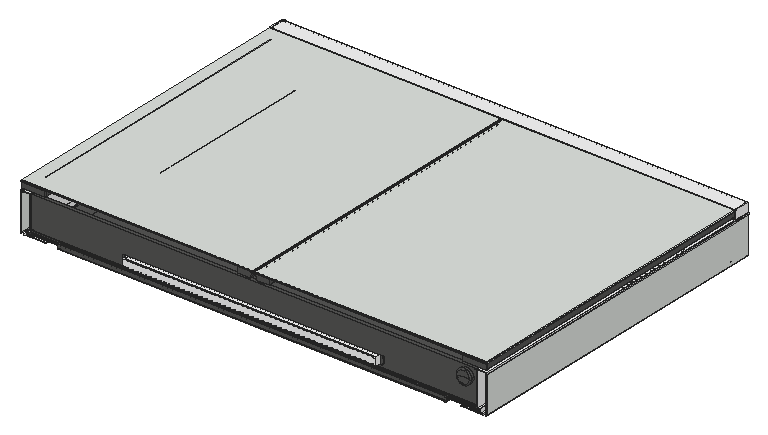
Revit family "Furniture-Lighted_Mirror_Cabinet-KOHLER-MAXSTOW-K-23959T_1", category Lighting Fixtures, host Face, Revit 2021
Family settings
  Host = Face
  Round Connector Dimension = Use Diameter
  Part Type = Normal
  OmniClass Number = 23.25.53.11.13.11
  OmniClass Title = Medicine Cabinet
  Cut with Voids When Loaded = No
  Light Source = Yes
  Shared = No
  Room Calculation Point = No
Parameters (values of type "NA-Black")
  Width = 47 31/128"  # constant formula
  Wattage Comments = "18W"  # constant formula
  Wattage = 8.75174 W
  WaterSense Certified = 1 = 0  # no
  built-in parameter 1150110 = 1 (stored number, unit not read)
  Voltage = 220 V  # constant formula
  URL = "http://www.kohler.com.cn/"
  Type = 1
  built-in parameter 1114217 = 1 (stored number, unit not read)
  built-in parameter 1150109 = 1 (stored number, unit not read)
  built-in parameter 1150134 = 12
  built-in parameter 1150113 = 1 (stored number, unit not read)
  Product Page URL = ""
  Product Name = "MAXSTOW\r\n"  # constant formula
  Product Documentation Link = ""
  Model = "K-23959T-NA"  # constant formula
  Material = "Aluminium"  # constant formula
  Master Format 2014 Name = "Storage Cabinets"  # constant formula
  Master Format 2014 = "41 53 13"  # constant formula
  Manufacturer Address = "Kohler Beijing Office (100016) 36-2-03-B, No. 88, Liuxiang Road, Beijing"  # constant formula
  Manufacturer = "Kohler Co."  # constant formula
  built-in parameter 1150105 = 413.8 (stored number, unit not read)
  Lumens = 1300 lm
  built-in parameter 1150115 = 1 (stored number, unit not read)
  Light Source Symbol Size = 9"  # constant formula
  built-in parameter 1150137 = (empty or 0)
  built-in parameter 1150139 = (empty or 0)
  Length = 4.85039"  # constant formula
  built-in parameter 1150112 = 1 (stored number, unit not read)
  built-in parameter 1150114 = 1 (stored number, unit not read)
  Lamp = "LED "  # constant formula
  built-in parameter 1150132 = 2
  built-in parameter 1150102 = (empty or 0)
  built-in parameter 1150107 = 4000 (stored number, unit not read)
  built-in parameter 1150138 = (empty or 0)
  built-in parameter 1150106 = 4.138 (stored number, unit not read)
  Height = 33 159/256"  # constant formula
  Hardware Included = 1 = 0  # no
  Finish = Kohler-Metal-NA-Black
  Environmental Product Declaration = ""
  Emit from Line Length = 24"
  Electrical Note = "One Dedicated Circuit Required"  # constant formula
  Electrical Connector = 1 = 1  # yes
  built-in parameter 1150104 = 13.8 (stored number, unit not read)
  Dimming Lamp Color Temperature Shift = Incandescent Lamp Curve
  Description = "Medicine Cabinet(1200X90X800)"  # constant formula
  Default Elevation = 60"
  Declare Label = ""
  Date Modified = "07/27/2022"  # constant formula
  Date Created = "07/27/2022"  # constant formula
  Copyright = "Copyright Kohler Co."  # constant formula
  Contact Us = "http://www.kohler.com.cn/contact/contact-us/"
  Color Filter = 16777215
  built-in parameter 1114218 = 1 (stored number, unit not read)
  built-in parameter 1150133 = 10 (stored number, unit not read)
  Assembly Code = "E2010"
  Apparent Load = 18 VA  # constant formula
  ADA Compliant = 1 = 0  # no
Reference planes (in)
  plane 1 "Center (Front/Back)": y = 0
  plane 2: z = 0
  plane 3 "Center (Left/Right)": x = 0
  plane 4: y = 16.81102
  plane 5: y = -16.81007
  plane 6: x = -23.62205
  plane 7: x = 23.62014
  plane 8: y = 16.02047
  plane 9: y = -16.56221
  plane 10: x = -22.34236
  plane 11: y = 15.23307
  plane 12: x = 22.34236
  plane 13: y = -16.02047
  plane 14: z = 4.42969
  plane 15: z = 4.06102
  plane 16: z = 1.37701
  plane 17: y = 10.97347
  plane 18: x = 23.44733
  plane 19: y = -4.4498
  plane 20: z = 3.75984
  plane 21: x = -12.79528
  plane 22: x = 12.79528
  plane 23: x = -0.05906
  plane 24: x = 0.05906
  plane 25: z = 4.85039
Dimensions and locks (in)
  "Height": plane 4 to plane 5
  "Width": plane 6 to plane 7
  plane 14 to level = 4 55/128"
  plane 21 to plane 3 "Center (Left/Right)" = 12.79528"
  plane 6 to plane 23 = 23.56299"
  "Length": plane 25 to level
  aligned and locked: plane 2 to host face
  aligned and locked: level to host face
Automatic sketch dimensions
  host sketch curve to host sketch curve = 96"  (x2)
Nested families (in)
  nested 1: "K-23959T" at (0, 0.2751, 0), type "K-23959T"
Connectors (in)
  electrical at (23.62205, -4.4498, 3.75687), driven by "Voltage", driven by "Apparent Load", driven by "Electrical Connector", driven by "Electrical Note"
    settings: on nested 1, index 1, voltage 220 V, apparent load 18 VA, apparent load phase1 0 VA, apparent load phase2 0 VA, apparent load phase3 0 VA, power factor 1, load classification "Lighting", number of poles 1, system type 30, power factor state 1, is connector primary yes, connector utility yes, sub classification motor no, connector description "One Dedicated Circuit Required"
Definition of nested family "K-23959T"
  Parameters (values of type "K-23959T")
    Wattage = 8.75174 W
    built-in parameter 1150110 = 1 (stored number, unit not read)
    built-in parameter 1114217 = 1 (stored number, unit not read)
    built-in parameter 1150109 = 1 (stored number, unit not read)
    built-in parameter 1150134 = 12
    built-in parameter 1150113 = 1 (stored number, unit not read)
    Material = none
    built-in parameter 1150105 = 413.8 (stored number, unit not read)
    Lumens = 1300 lm
    built-in parameter 1150115 = 1 (stored number, unit not read)
    Light Source Symbol Size = 9"
    built-in parameter 1150137 = (empty or 0)
    built-in parameter 1150139 = (empty or 0)
    built-in parameter 1150112 = 1 (stored number, unit not read)
    built-in parameter 1150114 = 1 (stored number, unit not read)
    built-in parameter 1150132 = 2
    built-in parameter 1150102 = (empty or 0)
    built-in parameter 1150107 = 4000 (stored number, unit not read)
    built-in parameter 1150138 = (empty or 0)
    built-in parameter 1150106 = 4.138 (stored number, unit not read)
    Emit from Line Length = 24"
    built-in parameter 1150104 = 13.8 (stored number, unit not read)
    Dimming Lamp Color Temperature Shift = 1
    Default Elevation = 0"
    Color Filter = 16777215
    built-in parameter 1114218 = 1 (stored number, unit not read)
    built-in parameter 1150133 = 10 (stored number, unit not read)
  Reference planes (in)
    plane 1 "Center (Front/Back)": y = -0.2751
    plane 2: z = 0
    plane 3 "Center (Left/Right)": x = 0
    plane 4: x = 23.62205
    plane 5: z = 4.84843
    plane 6: x = -23.62205
    plane 7: y = -17.08494
    plane 8: y = 16.53593
    plane 9: y = 15.74537
    plane 10: y = 14.95797
    plane 11: y = -16.29557
    plane 12: y = -16.83731
    plane 13: z = 1.37701
    plane 14: x = -22.34236
    plane 15: x = 22.34236
    plane 16: z = 4.42913
    plane 17: z = 4.06102
    plane 18: y = -4.7249
    plane 19 "CON2": x = 23.60234
  Forms (in)
    Sweep 1, solid
      path origin (0, 0, 0) x (1, 0, 0) y (0, 1, 0)
        loop
          line (0.09827, 14.92077) -> (0.09827, -16.49656) -> (23.52346, -16.49656) -> (23.52346, 14.92077) -> (0.09827, 14.92077)
      profile origin (23.52346, -0.78789, 0) x (-1, 0, 0) y (0, 0, 1)
        loop
          line (0, 4.84241) -> (-0.03937, 4.80304) -> (-0.03937, 4.76378) -> (0, 4.72441) -> (0.29765, 4.72441) -> (0.29765, 4.84241) -> (0, 4.84241)
    Sweep 2, solid
      path origin (0, 0, 0) x (-1, 0, 0) y (0, 1, 0)
        loop
          line (0.09827, 14.92077) -> (0.09827, -16.49656) -> (23.52346, -16.49656) -> (23.52346, 14.92077) -> (0.09827, 14.92077)
      profile origin (-23.52346, -0.78789, 0) x (-1, 0, 0) y (0, 0, 1)
        loop
          line (0, 4.84241) -> (-0.29765, 4.84241) -> (-0.29765, 4.72441) -> (0, 4.72441) -> (0.03937, 4.76378) -> (0.03937, 4.80304) -> (0, 4.84241)
    Extrusion 3, solid
      sketch origin (0.09827, 14.92077, 4.84241) x (0, -1, 0) y (1, 0, 0)
        loop
          line (0.29765, 0.29765) -> (31.11967, 0.29765) -> (31.11967, 23.12755) -> (0.29765, 23.12755) -> (0.29765, 0.29765)
      from -0.118 to 0
    Extrusion 4, solid
      sketch origin (-0.09827, 14.92077, 4.84241) x (0, -1, 0) y (1, 0, 0)
        loop
          line (0.29765, -0.29765) -> (0.29765, -23.12755) -> (31.11967, -23.12755) -> (31.11967, -0.29765) -> (0.29765, -0.29765)
      from -0.118 to 0
    Extrusion 5, solid, material <- "Material"
      sketch origin (0, 0, 0) x (1, 0, 0) y (0, 0, 1)
        loop
          line (21.16126, 4.70472) -> (21.16126, 4.15354)
          arc (21.16126, 4.15354) -> (21.16703, 4.13962) -> (21.18094, 4.13386) r 0.01969
          line (21.18094, 4.13386) -> (23.50378, 4.13386)
          arc (23.50378, 4.13386) -> (23.5177, 4.13962) -> (23.52346, 4.15354) r 0.01969
          line (23.52346, 4.15354) -> (23.52346, 4.70472)
          arc (23.52346, 4.70472) -> (23.5177, 4.71864) -> (23.50378, 4.72441) r 0.01969
          line (23.50378, 4.72441) -> (21.18094, 4.72441)
          arc (21.18094, 4.72441) -> (21.16703, 4.71864) -> (21.16126, 4.70472) r 0.01969
      from -14.86171 to 16.4375
    Extrusion 6, solid, material <- "Material"
      sketch origin (0, 0, 0) x (1, 0, 0) y (0, 0, 1)
        loop
          line (21.18094, 4.13386) -> (23.50378, 4.13386)
          arc (23.50378, 4.13386) -> (23.5177, 4.13962) -> (23.52346, 4.15354) r 0.01969
          line (23.52346, 4.15354) -> (23.52346, 4.70472)
          arc (23.52346, 4.70472) -> (23.5177, 4.71864) -> (23.50378, 4.72441) r 0.01969
          line (23.50378, 4.72441) -> (21.18094, 4.72441)
          arc (21.18094, 4.72441) -> (21.16703, 4.71864) -> (21.16126, 4.70472) r 0.01969
          line (21.16126, 4.70472) -> (21.16126, 4.15354)
          arc (21.16126, 4.15354) -> (21.16703, 4.13962) -> (21.18094, 4.13386) r 0.01969
      from 16.4375 to 16.49656
    Extrusion 7, solid, material <- "Material"
      sketch origin (0, 0, 0) x (-1, 0, 0) y (0, 0, -1)
        loop
          arc (21.18094, -4.13386) -> (21.16703, -4.13962) -> (21.16126, -4.15354) r 0.01969
          line (21.16126, -4.15354) -> (21.16126, -4.70472)
          arc (21.16126, -4.70472) -> (21.16703, -4.71864) -> (21.18094, -4.72441) r 0.01969
          line (21.18094, -4.72441) -> (23.50378, -4.72441)
          arc (23.50378, -4.72441) -> (23.5177, -4.71864) -> (23.52346, -4.70472) r 0.01969
          line (23.52346, -4.70472) -> (23.52346, -4.15354)
          arc (23.52346, -4.15354) -> (23.5177, -4.13962) -> (23.50378, -4.13386) r 0.01969
          line (23.50378, -4.13386) -> (21.18094, -4.13386)
      from 16.4375 to 16.49656
    Extrusion 8, solid, material <- "Material"
      sketch origin (0, 0, 0) x (-1, 0, 0) y (0, 0, -1)
        loop
          arc (21.16126, -4.70472) -> (21.16703, -4.71864) -> (21.18094, -4.72441) r 0.01969
          line (21.18094, -4.72441) -> (23.50378, -4.72441)
          arc (23.50378, -4.72441) -> (23.5177, -4.71864) -> (23.52346, -4.70472) r 0.01969
          line (23.52346, -4.70472) -> (23.52346, -4.15354)
          arc (23.52346, -4.15354) -> (23.5177, -4.13962) -> (23.50378, -4.13386) r 0.01969
          line (23.50378, -4.13386) -> (21.18094, -4.13386)
          arc (21.18094, -4.13386) -> (21.16703, -4.13962) -> (21.16126, -4.15354) r 0.01969
          line (21.16126, -4.15354) -> (21.16126, -4.70472)
      from -14.86171 to 16.4375
    Extrusion 9, solid, detail levels medium+fine
      sketch origin (0, 0, 0) x (1, 0, 0) y (0, 0, 1)
        loop
          line (-23.53163, 3.79921) -> (-23.56299, 3.79921) -> (-23.56299, 3.87795) -> (-22.65744, 3.87795) -> (-22.65744, 0.45185) -> (-22.99874, 0.45185)
          arc (-22.99874, 0.45185) -> (-23.01266, 0.44608) -> (-23.01843, 0.43217) r 0.01969
          line (-23.01843, 0.43217) -> (-23.01843, 0.04898) -> (-23.20496, 0.04898)
          arc (-23.20496, 0.04898) -> (-23.22945, 0.02449) -> (-23.20496, 0) r 0.02449
          line (-23.20496, 0) -> (-21.0306, 0)
          arc (-21.0306, 0) -> (-21.00108, 0.02953) -> (-21.0306, 0.05906) r 0.02953
          line (-21.0306, 0.05906) -> (-22.96941, 0.05906) -> (-22.96941, 0.19685) -> (-22.62902, 0.19685)
          arc (-22.62902, 0.19685) -> (-22.60876, 0.20435) -> (-22.59828, 0.22323) r 0.0311
          arc (-22.59828, 0.22323) -> (-22.6028, 0.23904) -> (-22.61773, 0.24591) r 0.01969
          line (-22.61773, 0.24591) -> (-22.96941, 0.24591) -> (-22.96941, 0.40291) -> (-22.61819, 0.40291)
          arc (-22.61819, 0.40291) -> (-22.60427, 0.40868) -> (-22.5985, 0.4226) r 0.01969
          line (-22.5985, 0.4226) -> (-22.5985, 3.91732)
          arc (-22.5985, 3.91732) -> (-22.60427, 3.93124) -> (-22.61819, 3.93701) r 0.01969
          line (-22.61819, 3.93701) -> (-23.60236, 3.93701)
          arc (-23.60236, 3.93701) -> (-23.61628, 3.93124) -> (-23.62205, 3.91732) r 0.01969
          line (-23.62205, 3.91732) -> (-23.62205, 3.75984)
          arc (-23.62205, 3.75984) -> (-23.61628, 3.74592) -> (-23.60236, 3.74016) r 0.01969
          line (-23.60236, 3.74016) -> (-23.53163, 3.74016)
          arc (-23.53163, 3.74016) -> (-23.5021, 3.76969) -> (-23.53163, 3.79921) r 0.02953
      from -14.96014 to 16.53593
    Extrusion 10, solid, detail levels medium+fine
      sketch origin (0, 0, 0) x (-1, 0, 0) y (0, 0, -1)
        loop
          arc (-23.53163, -3.79921) -> (-23.5021, -3.76969) -> (-23.53163, -3.74016) r 0.02953
          line (-23.53163, -3.74016) -> (-23.60236, -3.74016)
          arc (-23.60236, -3.74016) -> (-23.61628, -3.74592) -> (-23.62205, -3.75984) r 0.01969
          line (-23.62205, -3.75984) -> (-23.62205, -3.91732)
          arc (-23.62205, -3.91732) -> (-23.61628, -3.93124) -> (-23.60236, -3.93701) r 0.01969
          line (-23.60236, -3.93701) -> (-22.61819, -3.93701)
          arc (-22.61819, -3.93701) -> (-22.60427, -3.93124) -> (-22.5985, -3.91732) r 0.01969
          line (-22.5985, -3.91732) -> (-22.5985, -0.4226)
          arc (-22.5985, -0.4226) -> (-22.60427, -0.40868) -> (-22.61819, -0.40291) r 0.01969
          line (-22.61819, -0.40291) -> (-22.96941, -0.40291) -> (-22.96941, -0.24591) -> (-22.61773, -0.24591)
          arc (-22.61773, -0.24591) -> (-22.6028, -0.23904) -> (-22.59828, -0.22323) r 0.01969
          arc (-22.59828, -0.22323) -> (-22.60876, -0.20435) -> (-22.62902, -0.19685) r 0.0311
          line (-22.62902, -0.19685) -> (-22.96941, -0.19685) -> (-22.96941, -0.05906) -> (-21.0306, -0.05906)
          arc (-21.0306, -0.05906) -> (-21.00108, -0.02953) -> (-21.0306, 0) r 0.02953
          line (-21.0306, 0) -> (-23.20496, 0)
          arc (-23.20496, 0) -> (-23.22945, -0.02449) -> (-23.20496, -0.04898) r 0.02449
          line (-23.20496, -0.04898) -> (-23.01843, -0.04898) -> (-23.01843, -0.43217)
          arc (-23.01843, -0.43217) -> (-23.01266, -0.44608) -> (-22.99874, -0.45185) r 0.01969
          line (-22.99874, -0.45185) -> (-22.65744, -0.45185) -> (-22.65744, -3.87795) -> (-23.56299, -3.87795) -> (-23.56299, -3.79921) -> (-23.53163, -3.79921)
      from -14.95797 to 16.53593
    Extrusion 11, solid, material <- "Material", detail levels medium+fine
      sketch origin (-22.5985, 14.78297, -0.7874) x (0, 1, 0) y (0, 0, -1)
        loop
          arc (-0.16895, -1.20854) -> (-0.14637, -1.24568) -> (-0.1385, -1.28842) r 0.12
          line (-0.1385, -1.28842) -> (-0.1385, -4.61709)
          arc (-0.1385, -4.61709) -> (-0.14691, -4.66121) -> (-0.17094, -4.69915) r 0.12
          arc (-0.17094, -4.69915) -> (-0.17376, -4.71537) -> (-0.16, -4.72441) r 0.015
          line (-0.16, -4.72441) -> (0.15481, -4.72441)
          arc (0.15481, -4.72441) -> (0.16909, -4.71849) -> (0.175, -4.70421) r 0.02019
          line (0.175, -4.70421) -> (0.175, -1.43542)
          arc (0.175, -1.43542) -> (0.1691, -1.42119) -> (0.15487, -1.41529) r 0.02013
          arc (0.15487, -1.41529) -> (0.14032, -1.40759) -> (0.1385, -1.39122) r 0.0176
          line (0.1385, -1.39122) -> (0.1385, -1.27953)
          arc (0.1385, -1.27953) -> (0.14427, -1.26561) -> (0.15819, -1.25984) r 0.01969
          line (0.15819, -1.25984) -> (0.29992, -1.25984)
          arc (0.29992, -1.25984) -> (0.31384, -1.25408) -> (0.3196, -1.24016) r 0.01969
          line (0.3196, -1.24016) -> (0.3196, -1.20079)
          arc (0.3196, -1.20079) -> (0.31384, -1.18687) -> (0.29992, -1.1811) r 0.01969
          line (0.29992, -1.1811) -> (-0.15665, -1.1811)
          arc (-0.15665, -1.1811) -> (-0.17169, -1.19084) -> (-0.16895, -1.20854) r 0.01648
      from 0 to -45.19685
    Extrusion 12, solid
      sketch origin (-23.50394, 14.95797, 4.84843) x (0, 1, 0) y (0, 0, -1)
        loop
          line (0.03937, 0) -> (1.53543, 0)
          arc (1.53543, 0) -> (1.56327, 0.01153) -> (1.5748, 0.03937) r 0.03937
          line (1.5748, 0.03937) -> (1.5748, 1.53543)
          arc (1.5748, 1.53543) -> (1.56327, 1.56327) -> (1.53543, 1.5748) r 0.03937
          line (1.53543, 1.5748) -> (0.03937, 1.5748)
          arc (0.03937, 1.5748) -> (0.01153, 1.56327) -> (0, 1.53543) r 0.03937
          line (0, 1.53543) -> (0, 0.03937)
          arc (0, 0.03937) -> (0.01153, 0.01153) -> (0.03937, 0) r 0.03937
        loop
          arc (0.01969, 0.03937) -> (0.02545, 0.02545) -> (0.03937, 0.01969) r 0.01969
          line (0.03937, 0.01969) -> (1.53543, 0.01969)
          arc (1.53543, 0.01969) -> (1.54935, 0.02545) -> (1.55512, 0.03937) r 0.01969
          line (1.55512, 0.03937) -> (1.55512, 1.53543)
          arc (1.55512, 1.53543) -> (1.54935, 1.54935) -> (1.53543, 1.55512) r 0.01969
          line (1.53543, 1.55512) -> (0.03937, 1.55512)
          arc (0.03937, 1.55512) -> (0.02545, 1.54935) -> (0.01969, 1.53543) r 0.01969
          line (0.01969, 1.53543) -> (0.01969, 0.03937)
      from -47.00787 to -0.00209
    Extrusion 13, solid
      sketch origin (-23.50394, 14.95797, 4.84843) x (0, -1, 0) y (0, 0, 1)
        loop
          arc (-1.52309, -0.00591) -> (-1.55548, -0.01932) -> (-1.5689, -0.05171) r 0.0458
          line (-1.5689, -0.05171) -> (-1.56892, -0.97047) -> (-0.00587, -0.97047) -> (-0.00591, -0.05491)
          arc (-0.00591, -0.05491) -> (-0.02026, -0.02026) -> (-0.05492, -0.00591) r 0.04901
          line (-0.05492, -0.00591) -> (-1.52309, -0.00591)
      from 0 to 0.0589
    Sweep 14, solid
      path origin (0, 0, 0) x (0, 1, 0) y (0, 0, 1)
        loop
          line (-16.49557, 3.70079) -> (-16.49557, 0.07972) -> (16.49557, 0.07972) -> (16.49557, 3.70079) -> (-16.49557, 3.70079)
      profile origin (0, -16.49557, 0.07972) x (0, -1, 0) y (1, 0, 0)
        loop
          line (0.04035, -23.58264) -> (0.04035, -23.54327) -> (0.00102, -23.50394) -> (-0.92057, -23.50394) -> (-0.92057, -23.62205) -> (0.00094, -23.62205) -> (0.04035, -23.58264)
    Extrusion 15, solid
      sketch origin (-23.62205, -16.49652, 3.70173) x (0, 1, 0) y (0, 0, -1)
        loop
          line (32.07152, 0.92151) -> (32.07152, 2.70144) -> (0.92151, 2.70144) -> (0.92151, 0.92151) -> (32.07152, 0.92151)
      from 0 to -0.11815
    Sweep 16, solid
      path origin (0, 0, 0) x (0, 1, 0) y (0, 0, -1)
        loop
          line (-16.49557, -3.70079) -> (16.49557, -3.70079) -> (16.49557, -0.07972) -> (-16.49557, -0.07972) -> (-16.49557, -3.70079)
      profile origin (0, -16.49557, 0.07972) x (0, 1, 0) y (-1, 0, 0)
        loop
          line (-0.04035, -23.58264) -> (-0.00094, -23.62205) -> (0.92057, -23.62205) -> (0.92057, -23.50394) -> (-0.00102, -23.50394) -> (-0.04035, -23.54327) -> (-0.04035, -23.58264)
    Extrusion 17, solid
      sketch origin (23.62205, -15.575, 2.78022) x (0, 1, 0) y (0, 0, 1)
        loop
          line (31.15001, 0) -> (0, 0) -> (0, -1.77993) -> (31.15001, -1.77993) -> (31.15001, 0)
      from 0 to -0.11815
    Extrusion 18, solid, material <- "Material", detail levels medium+fine
      sketch origin (0, 0, 0) x (0, 1, 0) y (0, 0, 1)
        loop
          line (-15.89883, 0.07087) -> (-16.65474, 0.07087)
          arc (-16.65474, 0.07087) -> (-16.68258, 0.0824) -> (-16.69411, 0.11024) r 0.03937
          line (-16.69411, 0.11024) -> (-16.69411, 0.45276)
          arc (-16.69411, 0.45276) -> (-16.68258, 0.48059) -> (-16.65474, 0.49213) r 0.03937
          line (-16.65474, 0.49213) -> (-16.51694, 0.49213)
          arc (-16.51694, 0.49213) -> (-16.50303, 0.49789) -> (-16.49726, 0.51181) r 0.01969
          line (-16.49726, 0.51181) -> (-16.49726, 0.54331)
          arc (-16.49726, 0.54331) -> (-16.50303, 0.55723) -> (-16.51694, 0.56299) r 0.01969
          line (-16.51694, 0.56299) -> (-16.68624, 0.56299)
          arc (-16.68624, 0.56299) -> (-16.74191, 0.53993) -> (-16.76498, 0.48425) r 0.07874
          line (-16.76498, 0.48425) -> (-16.76498, 0.07874)
          arc (-16.76498, 0.07874) -> (-16.74191, 0.02306) -> (-16.68624, 0) r 0.07874
          line (-16.68624, 0) -> (-15.89883, 0)
          arc (-15.89883, 0) -> (-15.88492, 0.00577) -> (-15.87915, 0.01969) r 0.01969
          line (-15.87915, 0.01969) -> (-15.87915, 0.05118)
          arc (-15.87915, 0.05118) -> (-15.88492, 0.0651) -> (-15.89883, 0.07087) r 0.01969
      from -19.68504 to 19.68504
    Extrusion 19, solid, material <- "Material"
      sketch origin (0.09827, -16.4375, 4.72441) x (-1, 0, 0) y (0, 0, -1)
        loop
          line (-1.49606, 0.57087) -> (-1.49606, 0.01969)
          arc (-1.49606, 0.01969) -> (-1.4903, 0.00577) -> (-1.47638, 0) r 0.01969
          line (-1.47638, 0) -> (-0.01969, 0)
          arc (-0.01969, 0) -> (-0.00577, 0.00577) -> (0, 0.01969) r 0.01969
          line (0, 0.01969) -> (0, 0.06379)
          arc (0, 0.06379) -> (-0.00627, 0.09459) -> (-0.02408, 0.12047) r 0.07874
          arc (-0.02408, 0.12047) -> (-0.15523, 0.30239) -> (-0.21433, 0.51871) r 0.62992
          arc (-0.21433, 0.51871) -> (-0.23959, 0.56988) -> (-0.29277, 0.59055) r 0.07874
          line (-0.29277, 0.59055) -> (-1.47638, 0.59055)
          arc (-1.47638, 0.59055) -> (-1.4903, 0.58479) -> (-1.49606, 0.57087) r 0.01969
      from 0.05976 to -31.35897
    Extrusion 20, solid, material <- "Material"
      sketch origin (-0.09827, -16.4375, 4.72441) x (1, 0, 0) y (0, 0, 1)
        loop
          arc (-1.49606, -0.57087) -> (-1.4903, -0.58479) -> (-1.47638, -0.59055) r 0.01969
          line (-1.47638, -0.59055) -> (-0.29277, -0.59055)
          arc (-0.29277, -0.59055) -> (-0.23959, -0.56988) -> (-0.21433, -0.51871) r 0.07874
          arc (-0.21433, -0.51871) -> (-0.15523, -0.30239) -> (-0.02408, -0.12047) r 0.62992
          arc (-0.02408, -0.12047) -> (-0.00627, -0.09459) -> (0, -0.06379) r 0.07874
          line (0, -0.06379) -> (0, -0.01969)
          arc (0, -0.01969) -> (-0.00577, -0.00577) -> (-0.01969, 0) r 0.01969
          line (-0.01969, 0) -> (-1.47638, 0)
          arc (-1.47638, 0) -> (-1.4903, -0.00577) -> (-1.49606, -0.01969) r 0.01969
          line (-1.49606, -0.01969) -> (-1.49606, -0.57087)
      from 0.05976 to -31.35897
    Extrusion 21, solid, material <- "Material", detail levels medium+fine
      sketch origin (12.7952, -16.6125, 1.75984) x (0, 0, -1) y (1, 0, 0)
        loop
          line (0.64567, 0.3937) -> (0.11811, 0.3937)
          arc (0.11811, 0.3937) -> (0.03459, 0.35911) -> (0, 0.27559) r 0.11811
          line (0, 0.27559) -> (0, 0) -> (0.76378, 0) -> (0.76378, 0.27559)
          arc (0.76378, 0.27559) -> (0.72919, 0.35911) -> (0.64567, 0.3937) r 0.11811
        loop
          arc (0.64567, -25.98409) -> (0.72919, -25.9495) -> (0.76378, -25.86598) r 0.11811
          line (0.76378, -25.86598) -> (0.76378, -25.59039) -> (0, -25.59039) -> (0, -25.86598)
          arc (0, -25.86598) -> (0.03459, -25.9495) -> (0.11811, -25.98409) r 0.11811
          line (0.11811, -25.98409) -> (0.64567, -25.98409)
      from 0 to -0.07657
    Extrusion 22, solid
      sketch origin (0, 0, 0) x (0, 1, 0) y (0, 0, 1)
        loop
          arc (-17.06212, 1.77165) -> (-17.07826, 1.76497) -> (-17.08494, 1.74884) r 0.02282
          line (-17.08494, 1.74884) -> (-17.08494, 1.00519)
          arc (-17.08494, 1.00519) -> (-17.07881, 0.99039) -> (-17.064, 0.98425) r 0.02094
          line (-17.064, 0.98425) -> (-16.6125, 0.98425) -> (-16.6125, 1.77165) -> (-17.06212, 1.77165)
        loop
          line (-17.06526, 1.75197) -> (-17.06526, 1.00394) -> (-16.63219, 1.00394) -> (-16.63219, 1.75197) -> (-17.06526, 1.75197)
      from -12.7952 to 12.7952
    Extrusion 23, solid, material <- "Material", detail levels medium+fine
      sketch origin (-22.5985, -14.78297, -0.7874) x (0, -1, 0) y (0, 0, 1)
        loop
          arc (1.40684, 1.20854) -> (1.4041, 1.19084) -> (1.41914, 1.1811) r 0.01648
          line (1.41914, 1.1811) -> (1.8757, 1.1811)
          arc (1.8757, 1.1811) -> (1.88962, 1.18687) -> (1.89539, 1.20079) r 0.01969
          line (1.89539, 1.20079) -> (1.89539, 1.24016)
          arc (1.89539, 1.24016) -> (1.88962, 1.25408) -> (1.8757, 1.25984) r 0.01969
          line (1.8757, 1.25984) -> (1.73397, 1.25984)
          arc (1.73397, 1.25984) -> (1.72005, 1.26561) -> (1.71429, 1.27953) r 0.01969
          line (1.71429, 1.27953) -> (1.71429, 1.39122)
          arc (1.71429, 1.39122) -> (1.7161, 1.40759) -> (1.73066, 1.41529) r 0.0176
          arc (1.73066, 1.41529) -> (1.74489, 1.42119) -> (1.75079, 1.43542) r 0.02013
          line (1.75079, 1.43542) -> (1.75079, 4.70421)
          arc (1.75079, 4.70421) -> (1.74487, 4.71849) -> (1.73059, 4.72441) r 0.02019
          line (1.73059, 4.72441) -> (1.41579, 4.72441)
          arc (1.41579, 4.72441) -> (1.40202, 4.71537) -> (1.40484, 4.69915) r 0.015
          arc (1.40484, 4.69915) -> (1.42888, 4.66121) -> (1.43729, 4.61709) r 0.12
          line (1.43729, 4.61709) -> (1.43729, 1.28842)
          arc (1.43729, 1.28842) -> (1.42942, 1.24568) -> (1.40684, 1.20854) r 0.12
      from 0 to -45.19685
    Extrusion 24, solid, material <- "Material", detail levels medium+fine
      sketch origin (0, 0, 0) x (0, 1, 0) y (0, 0, 1)
        loop
          line (0.55506, 2.14567) -> (8.67375, 2.14567)
          arc (8.67375, 2.14567) -> (8.7578, 2.18048) -> (8.79262, 2.26453) r 0.11886
          line (8.79262, 2.26453) -> (8.79262, 3.75053)
          arc (8.79262, 3.75053) -> (8.7553, 3.84063) -> (8.6652, 3.87795) r 0.12742
          line (8.6652, 3.87795) -> (0.56111, 3.87795)
          arc (0.56111, 3.87795) -> (0.47983, 3.84428) -> (0.44616, 3.763) r 0.11495
          line (0.44616, 3.763) -> (0.44616, 2.25457)
          arc (0.44616, 2.25457) -> (0.47806, 2.17756) -> (0.55506, 2.14567) r 0.1089
      from 22.59835 to 23.38563
    Extrusion 25, solid
      sketch origin (0, -0.2751, 0) x (1, 0, 0) y (0, 0, 1)
        loop
          line (-23.50394, 3.93701) -> (-23.60074, 3.93701)
          arc (-23.60074, 3.93701) -> (-23.61581, 3.93077) -> (-23.62205, 3.9157) r 0.02131
          line (-23.62205, 3.9157) -> (-23.62205, 3.76239)
          arc (-23.62205, 3.76239) -> (-23.61553, 3.74667) -> (-23.59981, 3.74016) r 0.02224
          line (-23.59981, 3.74016) -> (-23.50394, 3.74016) -> (-23.50394, 3.93701)
      from -16.802 to -15.23894
    Extrusion 26, solid, material <- "Material", detail levels medium+fine
      sketch origin (0, 0, 0) x (0, 1, 0) y (0, 0, 1)
        loop
          line (14.6329, 0.219) -> (14.49681, 0.17364)
          arc (14.49681, 0.17364) -> (14.44767, 0.16155) -> (14.39722, 0.15748) r 0.31496
          line (14.39722, 0.15748) -> (13.97195, 0.15748)
          arc (13.97195, 0.15748) -> (13.95803, 0.15171) -> (13.95226, 0.1378) r 0.01969
          line (13.95226, 0.1378) -> (13.95226, 0.10236) -> (13.61571, 0.10236)
          arc (13.61571, 0.10236) -> (13.56453, 0.05118) -> (13.61571, 0) r 0.05118
          line (13.61571, 0) -> (14.03102, 0)
          arc (14.03102, 0) -> (14.04771, 0.00692) -> (14.05463, 0.02361) r 0.02361
          line (14.05463, 0.02361) -> (14.05463, 0.0787) -> (14.35644, 0.0787)
          arc (14.35644, 0.0787) -> (14.44702, 0.086) -> (14.53527, 0.10772) r 0.56549
          line (14.53527, 0.10772) -> (14.65652, 0.14814)
          arc (14.65652, 0.14814) -> (14.68014, 0.19538) -> (14.6329, 0.219) r 0.03735
      from 21.44915 to 22.24493
    Extrusion 27, solid, material <- "Material", detail levels medium+fine
      sketch origin (0, 0, 0) x (1, 0, 0) y (0, 1, 0)
        loop
          line (-22.91657, 14.96014) -> (-22.91657, -16.53593) -> (22.9102, -16.53593) -> (22.9102, 14.96014) -> (-22.91657, 14.96014)
      from 0.27559 to 0.3937
    Extrusion 28, solid, material <- "Material", detail levels medium+fine
      sketch origin (22.83457, -4.7249, 2.16535) x (0, 0, -1) y (0, 1, 0)
        loop
          line (-1.18109, 1.24016) -> (-1.18109, -1.24016)
          arc (-1.18109, -1.24016) -> (-1.14649, -1.32367) -> (-1.06298, -1.35827) r 0.11811
          line (-1.06298, -1.35827) -> (1.06301, -1.35827)
          arc (1.06301, -1.35827) -> (1.14652, -1.32367) -> (1.18112, -1.24016) r 0.11811
          line (1.18112, -1.24016) -> (1.18112, 1.24016)
          arc (1.18112, 1.24016) -> (1.14652, 1.32367) -> (1.06301, 1.35827) r 0.11811
          line (1.06301, 1.35827) -> (-1.06298, 1.35827)
          arc (-1.06298, 1.35827) -> (-1.14649, 1.32367) -> (-1.18109, 1.24016) r 0.11811
      from 0 to -0.19685
    Extrusion 29, solid, material <- "Material", detail levels medium+fine
      sketch origin (22.83457, -4.7249, 2.16535) x (0, 0, -1) y (0, 1, 0)
        loop
          arc (-0.7984, -0.85746) -> (-0.78687, -0.88529) -> (-0.75904, -0.89682) r 0.03936
          line (-0.75904, -0.89682) -> (0.75904, -0.89682)
          arc (0.75904, -0.89682) -> (0.78687, -0.88529) -> (0.7984, -0.85746) r 0.03936
          line (0.7984, -0.85746) -> (0.7984, 0.85746)
          arc (0.7984, 0.85746) -> (0.78687, 0.88529) -> (0.75904, 0.89682) r 0.03936
          line (0.75904, 0.89682) -> (-0.75904, 0.89682)
          arc (-0.75904, 0.89682) -> (-0.78687, 0.88529) -> (-0.7984, 0.85746) r 0.03936
          line (-0.7984, 0.85746) -> (-0.7984, -0.85746)
      from 0 to 0.64161
    Revolve 30, solid, detail levels medium+fine
      sketch origin (0, 0, 2.96198) x (1, 0, 0) y (0, 1, 0)
        loop
          line (21.50876, -16.88811) -> (21.50876, -16.53376) -> (20.75778, -16.53376) -> (20.75778, -16.78922)
          arc (20.75778, -16.78922) -> (20.78674, -16.85915) -> (20.85666, -16.88811) r 0.09889
          line (20.85666, -16.88811) -> (21.50876, -16.88811)
        axis (21.50876, -16.53376) -> (21.50876, -16.88811)
      angle from 0 to 360
    Extrusion 31, solid, material <- "Material", detail levels medium+fine
      sketch origin (0, 0, 0) x (0, 1, 0) y (0, 0, 1)
        loop
          line (15.03671, 1.30512) -> (15.03671, 3.1726)
          arc (15.03671, 3.1726) -> (15.04324, 3.18836) -> (15.05899, 3.19488) r 0.02228
          line (15.05899, 3.19488) -> (16.49341, 3.19488) -> (16.49341, 3.27362) -> (14.99909, 3.27362)
          arc (14.99909, 3.27362) -> (14.97001, 3.26158) -> (14.95797, 3.23251) r 0.04112
          line (14.95797, 3.23251) -> (14.95797, 1.30512) -> (15.03671, 1.30512)
      from -0.59055 to 0.59055
    Extrusion 32, solid, material <- "Material", detail levels medium+fine
      sketch origin (0, 0, 0) x (0, 1, 0) y (0, 0, 1)
        loop
          line (15.03671, 1.30512) -> (15.03671, 3.1726)
          arc (15.03671, 3.1726) -> (15.04324, 3.18836) -> (15.05899, 3.19488) r 0.02228
          line (15.05899, 3.19488) -> (16.49341, 3.19488) -> (16.49341, 3.27362) -> (14.99909, 3.27362)
          arc (14.99909, 3.27362) -> (14.97001, 3.26158) -> (14.95797, 3.23251) r 0.04112
          line (14.95797, 3.23251) -> (14.95797, 1.30512) -> (15.03671, 1.30512)
      from -0.59055 to 0.59055
    Extrusion 33, solid, material <- "Material", detail levels medium+fine
      sketch origin (-19.94094, 0, 0) x (0, 1, 0) y (0, 0, 1)
        loop
          line (15.03671, 1.30512) -> (15.03671, 3.1726)
          arc (15.03671, 3.1726) -> (15.04324, 3.18836) -> (15.05899, 3.19488) r 0.02228
          line (15.05899, 3.19488) -> (16.49341, 3.19488) -> (16.49341, 3.27362) -> (14.99909, 3.27362)
          arc (14.99909, 3.27362) -> (14.97001, 3.26158) -> (14.95797, 3.23251) r 0.04112
          line (14.95797, 3.23251) -> (14.95797, 1.30512) -> (15.03671, 1.30512)
      from -0.59055 to 0.59055
    Extrusion 34, solid, material <- "Material", detail levels medium+fine
      sketch origin (19.94094, 0, 0) x (0, 1, 0) y (0, 0, 1)
        loop
          line (15.03671, 1.30512) -> (15.03671, 3.1726)
          arc (15.03671, 3.1726) -> (15.04324, 3.18836) -> (15.05899, 3.19488) r 0.02228
          line (15.05899, 3.19488) -> (16.49341, 3.19488) -> (16.49341, 3.27362) -> (14.99909, 3.27362)
          arc (14.99909, 3.27362) -> (14.97001, 3.26158) -> (14.95797, 3.23251) r 0.04112
          line (14.95797, 3.23251) -> (14.95797, 1.30512) -> (15.03671, 1.30512)
      from -0.59055 to 0.59055
    Extrusion 35, solid, material <- "Material", detail levels medium+fine
      sketch origin (-0.09827, 14.92077, 4.84241) x (0, -1, 0) y (1, 0, 0)
        loop
          line (3.36082, -22.59067) -> (4.43446, -22.59067)
          arc (4.43446, -22.59067) -> (4.45824, -22.59867) -> (4.47237, -22.61941) r 0.03937
          line (4.47237, -22.61941) -> (4.67754, -23.35131) -> (4.71025, -23.35131) -> (4.50108, -22.60516)
          arc (4.50108, -22.60516) -> (4.47849, -22.57197) -> (4.44043, -22.55917) r 0.06299
          line (4.44043, -22.55917) -> (3.35485, -22.55917)
          arc (3.35485, -22.55917) -> (3.31679, -22.57197) -> (3.29419, -22.60516) r 0.06299
          line (3.29419, -22.60516) -> (3.08503, -23.35131) -> (3.11774, -23.35131) -> (3.32291, -22.61941)
          arc (3.32291, -22.61941) -> (3.33703, -22.59867) -> (3.36082, -22.59067) r 0.03937
        loop
          arc (28.0565, -22.59067) -> (28.08029, -22.59867) -> (28.09441, -22.61941) r 0.03937
          line (28.09441, -22.61941) -> (28.29959, -23.35131) -> (28.3323, -23.35131) -> (28.12313, -22.60516)
          arc (28.12313, -22.60516) -> (28.10053, -22.57197) -> (28.06247, -22.55917) r 0.06299
          line (28.06247, -22.55917) -> (26.9769, -22.55917)
          arc (26.9769, -22.55917) -> (26.93884, -22.57197) -> (26.91624, -22.60516) r 0.06299
          line (26.91624, -22.60516) -> (26.70707, -23.35131) -> (26.73978, -23.35131) -> (26.94496, -22.61941)
          arc (26.94496, -22.61941) -> (26.95908, -22.59867) -> (26.98287, -22.59067) r 0.03937
          line (26.98287, -22.59067) -> (28.0565, -22.59067)
      from -2.42115 to -4.39056
    Extrusion 36, solid, material <- "Material", detail levels medium+fine
      sketch origin (0, 0, 0) x (0, 1, 0) y (0, 0, -1)
        loop
          arc (14.6329, -0.219) -> (14.68014, -0.19538) -> (14.65652, -0.14814) r 0.03735
          line (14.65652, -0.14814) -> (14.53527, -0.10772)
          arc (14.53527, -0.10772) -> (14.44702, -0.086) -> (14.35644, -0.0787) r 0.56549
          line (14.35644, -0.0787) -> (14.05463, -0.0787) -> (14.05463, -0.02361)
          arc (14.05463, -0.02361) -> (14.04771, -0.00692) -> (14.03102, 0) r 0.02361
          line (14.03102, 0) -> (13.61571, 0)
          arc (13.61571, 0) -> (13.56453, -0.05118) -> (13.61571, -0.10236) r 0.05118
          line (13.61571, -0.10236) -> (13.95226, -0.10236) -> (13.95226, -0.1378)
          arc (13.95226, -0.1378) -> (13.95803, -0.15171) -> (13.97195, -0.15748) r 0.01969
          line (13.97195, -0.15748) -> (14.39722, -0.15748)
          arc (14.39722, -0.15748) -> (14.44767, -0.16155) -> (14.49681, -0.17364) r 0.31496
          line (14.49681, -0.17364) -> (14.6329, -0.219)
      from 21.44915 to 22.24493
    Extrusion 37, solid, material <- "Material", detail levels medium+fine
      sketch origin (0.09827, 14.92077, 4.84241) x (0, -1, 0) y (1, 0, 0)
        loop
          arc (3.36082, 22.59067) -> (3.33703, 22.59867) -> (3.32291, 22.61941) r 0.03937
          line (3.32291, 22.61941) -> (3.11774, 23.35131) -> (3.08503, 23.35131) -> (3.29419, 22.60516)
          arc (3.29419, 22.60516) -> (3.31679, 22.57197) -> (3.35485, 22.55917) r 0.06299
          line (3.35485, 22.55917) -> (4.44043, 22.55917)
          arc (4.44043, 22.55917) -> (4.47849, 22.57197) -> (4.50108, 22.60516) r 0.06299
          line (4.50108, 22.60516) -> (4.71025, 23.35131) -> (4.67754, 23.35131) -> (4.47237, 22.61941)
          arc (4.47237, 22.61941) -> (4.45824, 22.59867) -> (4.43446, 22.59067) r 0.03937
          line (4.43446, 22.59067) -> (3.36082, 22.59067)
        loop
          line (28.0565, 22.59067) -> (26.98287, 22.59067)
          arc (26.98287, 22.59067) -> (26.95908, 22.59867) -> (26.94496, 22.61941) r 0.03937
          line (26.94496, 22.61941) -> (26.73978, 23.35131) -> (26.70707, 23.35131) -> (26.91624, 22.60516)
          arc (26.91624, 22.60516) -> (26.93884, 22.57197) -> (26.9769, 22.55917) r 0.06299
          line (26.9769, 22.55917) -> (28.06247, 22.55917)
          arc (28.06247, 22.55917) -> (28.10053, 22.57197) -> (28.12313, 22.60516) r 0.06299
          line (28.12313, 22.60516) -> (28.3323, 23.35131) -> (28.29959, 23.35131) -> (28.09441, 22.61941)
          arc (28.09441, 22.61941) -> (28.08029, 22.59867) -> (28.0565, 22.59067) r 0.03937
      from -2.42115 to -4.39056
    Extrusion 38, solid, material <- "Material", detail levels medium+fine
      sketch origin (0, 0, 0) x (1, 0, 0) y (0, 1, 0)
        loop
          line (-23.44484, -11.81931) -> (-23.44484, -11.02411) -> (-23.47634, -11.02411) -> (-23.47634, -11.81931) -> (-23.44484, -11.81931)
        loop
          line (-23.44484, -14.17372) -> (-23.44484, -13.37749) -> (-23.47634, -13.37749) -> (-23.47634, -14.17372) -> (-23.44484, -14.17372)
        loop
          line (-23.44484, 9.89421) -> (-23.47634, 9.89421) -> (-23.47634, 9.09902) -> (-23.44484, 9.09902) -> (-23.44484, 9.89421)
        loop
          line (-23.44484, 12.24862) -> (-23.47634, 12.24862) -> (-23.47634, 11.45239) -> (-23.44484, 11.45239) -> (-23.44484, 12.24862)
      from 0.45276 to 3.20866
    Extrusion 39, solid, material <- "Material", detail levels medium+fine
      sketch origin (0, 0, 0) x (-1, 0, 0) y (0, -1, 0)
        loop
          line (-23.44484, 11.81931) -> (-23.47634, 11.81931) -> (-23.47634, 11.02411) -> (-23.44484, 11.02411) -> (-23.44484, 11.81931)
        loop
          line (-23.44484, 14.17372) -> (-23.47634, 14.17372) -> (-23.47634, 13.37749) -> (-23.44484, 13.37749) -> (-23.44484, 14.17372)
      from 0.45276 to 3.20866
    Extrusion 40, solid, material <- "Material"
      sketch origin (0, 0, 0) x (1, 0, 0) y (0, 1, 0)
        loop
          line (-0.52213, -16.00581) -> (-0.87413, -16.00581)
          arc (-0.87413, -16.00581) -> (-0.89534, -16.0146) -> (-0.90413, -16.03581) r 0.03
          line (-0.90413, -16.03581) -> (-0.90413, -16.38781)
          arc (-0.90413, -16.38781) -> (-0.89534, -16.40903) -> (-0.87413, -16.41781) r 0.03
          line (-0.87413, -16.41781) -> (-0.52213, -16.41781)
          arc (-0.52213, -16.41781) -> (-0.50091, -16.40903) -> (-0.49213, -16.38781) r 0.03
          line (-0.49213, -16.38781) -> (-0.49213, -16.03581)
          arc (-0.49213, -16.03581) -> (-0.50091, -16.0146) -> (-0.52213, -16.00581) r 0.03
        loop
          line (0.91472, -15.98613) -> (0.56272, -15.98613)
          arc (0.56272, -15.98613) -> (0.54151, -15.99492) -> (0.53272, -16.01613) r 0.03
          line (0.53272, -16.01613) -> (0.53272, -16.36813)
          arc (0.53272, -16.36813) -> (0.54151, -16.38934) -> (0.56272, -16.39813) r 0.03
          line (0.56272, -16.39813) -> (0.91472, -16.39813)
          arc (0.91472, -16.39813) -> (0.93594, -16.38934) -> (0.94472, -16.36813) r 0.03
          line (0.94472, -16.36813) -> (0.94472, -16.01613)
          arc (0.94472, -16.01613) -> (0.93594, -15.99492) -> (0.91472, -15.98613) r 0.03
      from 3.93701 to 4.13386
    Extrusion 41, void
      sketch origin (0, 0, 0) x (1, 0, 0) y (0, 0, 1)
        loop
          line (-23.27949, 1.9685) -> (-23.27949, 1.25984) -> (-22.65744, 1.25984) -> (-22.65744, 1.9685) -> (-23.27949, 1.9685)
      from -19.31362 to 23.28565
    Extrusion 42, void
      sketch origin (0, 0, 0) x (-1, 0, 0) y (0, 0, -1)
        loop
          line (-23.27949, -1.9685) -> (-22.65744, -1.9685) -> (-22.65744, -1.25984) -> (-23.27949, -1.25984) -> (-23.27949, -1.9685)
      from -19.31362 to 23.28565
    Extrusion 43, solid
      sketch origin (0, 0, 0) x (0, 1, 0) y (0, 0, 1)
        loop
          line (-16.63219, 1.00394) -> (-16.63219, 1.75197) -> (-17.06526, 1.75197) -> (-17.06526, 1.00394) -> (-16.63219, 1.00394)
      from -12.7952 to -12.65958
    Extrusion 44, solid
      sketch origin (0, 0, 0) x (0, 1, 0) y (0, 0, -1)
        loop
          line (-16.63219, -1.00394) -> (-17.06526, -1.00394) -> (-17.06526, -1.75197) -> (-16.63219, -1.75197) -> (-16.63219, -1.00394)
      from -12.7952 to -12.65958
    Extrusion 45, solid
      sketch origin (23.50394, 14.95797, 4.84843) x (0, -1, 0) y (0, 0, -1)
        loop
          line (-1.52309, 0.00591) -> (-0.05492, 0.00591)
          arc (-0.05492, 0.00591) -> (-0.02026, 0.02026) -> (-0.00591, 0.05491) r 0.04901
          line (-0.00591, 0.05491) -> (-0.00587, 0.97047) -> (-1.56892, 0.97047) -> (-1.5689, 0.05171)
          arc (-1.5689, 0.05171) -> (-1.55548, 0.01932) -> (-1.52309, 0.00591) r 0.0458
      from 0 to 0.0589
    Extrusion 46, solid
      sketch origin (0, -0.2751, 0) x (-1, 0, 0) y (0, 0, -1)
        loop
          line (-23.50394, -3.93701) -> (-23.50394, -3.74016) -> (-23.59981, -3.74016)
          arc (-23.59981, -3.74016) -> (-23.61553, -3.74667) -> (-23.62205, -3.76239) r 0.02224
          line (-23.62205, -3.76239) -> (-23.62205, -3.9157)
          arc (-23.62205, -3.9157) -> (-23.61581, -3.93077) -> (-23.60074, -3.93701) r 0.02131
          line (-23.60074, -3.93701) -> (-23.50394, -3.93701)
      from -16.802 to -15.23894
    Extrusion 47, solid, material <- "Material", detail levels coarse
      sketch origin (0, -0.2751, 0) x (1, 0, 0) y (0, 0, 1)
        loop
          line (22.5985, 3.93701) -> (-22.5985, 3.93701) -> (-22.5985, 0) -> (22.5985, 0) -> (22.5985, 3.93701)
      from -15.23307 to 16.3374
    Extrusion 48, solid, material <- "Material", detail levels medium+fine
      sketch origin (0, -16.22573, 0) x (1, 0, 0) y (0, 1, 0)
        loop
          line (23.62205, 11.4842) -> (23.62205, 11.51745) -> (23.58264, 11.51745) -> (23.58264, 11.4842) -> (23.62205, 11.4842)
      from 3.74114 to 3.7726
  Cuts and joins
    joined: Sweep 16, Extrusion 17
    joined: Extrusion 22, Extrusion 43, Extrusion 44
    Extrusion 42 cuts Extrusion 9
    Extrusion 41, Extrusion 42 cuts Extrusion 35
    Extrusion 42 cuts Extrusion 37
    joined: Sweep 14, Extrusion 15
    joined: Sweep 1, Extrusion 3
    joined: Sweep 2, Extrusion 4
    joined: Extrusion 13, Extrusion 25
    joined: Extrusion 45, Extrusion 46
  Lines and regions (in)
    Masking region 1
      outline origin (0, -0.2751, 0) x (1, 0, 0) y (0, 0, 1)
        loop
          arc (23.56299, 4.81496) -> (23.55562, 4.83376) -> (23.53743, 4.84252) r 0.02764
          line (23.53743, 4.84252) -> (23.50394, 4.84843) -> (-23.50394, 4.84843) -> (-23.53743, 4.84252)
          arc (-23.53743, 4.84252) -> (-23.55562, 4.83376) -> (-23.56299, 4.81534) r 0.02764
          line (-23.56299, 4.81534) -> (-23.56299, 3.93701) -> (-23.59964, 3.93701)
          arc (-23.59964, 3.93701) -> (-23.61535, 3.9305) -> (-23.62185, 3.9148) r 0.02221
          line (-23.62185, 3.9148) -> (-23.62185, 3.76951)
          arc (-23.62185, 3.76951) -> (-23.60961, 3.74503) -> (-23.58268, 3.74016) r 0.03058
          line (-23.58268, 3.74016) -> (-23.62185, 3.70098) -> (-23.62185, 0.07914) -> (-23.58168, 0.03897) -> (-23.54351, 0.03897) -> (-23.50374, 0.07874) -> (-23.50374, 3.27362) -> (-22.65744, 3.27362) -> (-22.65744, 2.42126) -> (-23.44469, 2.42126) -> (-23.44469, 3.20866) -> (-23.47618, 3.20866) -> (-23.47618, 0.45276) -> (-22.99858, 0.45276)
          arc (-22.99858, 0.45276) -> (-23.01255, 0.44641) -> (-23.01827, 0.43217) r 0.02061
          line (-23.01827, 0.43217) -> (-23.01827, 0.04898) -> (-23.20451, 0.04898)
          arc (-23.20451, 0.04898) -> (-23.229, 0.02449) -> (-23.20451, 0) r 0.02449
          line (-23.20451, 0) -> (-21.02854, 0)
          arc (-21.02854, 0) -> (-20.99901, 0.02953) -> (-21.02854, 0.05906) r 0.02953
          line (-21.02854, 0.05906) -> (-21.4535, 0.05906) -> (-21.4535, 0.22402) -> (-22.24091, 0.22402) -> (-22.24091, 0.05906) -> (-22.96925, 0.05906) -> (-22.96925, 0.19685) -> (-22.62052, 0.19685)
          arc (-22.62052, 0.19685) -> (-22.59599, 0.22138) -> (-22.62052, 0.24591) r 0.02453
          line (-22.62052, 0.24591) -> (-22.96925, 0.24591) -> (-22.96925, 0.40291) -> (-22.61803, 0.40291)
          arc (-22.61803, 0.40291) -> (-22.60328, 0.40951) -> (-22.59835, 0.4249) r 0.01981
          line (-22.59835, 0.4249) -> (-22.59835, 0.3937) -> (-22.91657, 0.3937) -> (-22.91657, 0.27559) -> (-19.68504, 0.27559) -> (-19.68504, 0) -> (19.68504, 0) -> (19.68504, 0.27559) -> (22.9102, 0.27559) -> (22.9102, 0.3937) -> (22.59835, 0.3937) -> (22.59835, 0.4249)
          arc (22.59835, 0.4249) -> (22.60328, 0.40951) -> (22.61803, 0.40291) r 0.01981
          line (22.61803, 0.40291) -> (22.96925, 0.40291) -> (22.96925, 0.24591) -> (22.62052, 0.24591)
          arc (22.62052, 0.24591) -> (22.59599, 0.22138) -> (22.62052, 0.19685) r 0.02453
          line (22.62052, 0.19685) -> (22.96925, 0.19685) -> (22.96925, 0.05906) -> (22.24091, 0.05906) -> (22.24091, 0.22402) -> (21.4535, 0.22402) -> (21.4535, 0.05906) -> (21.02854, 0.05906)
          arc (21.02854, 0.05906) -> (20.99901, 0.02953) -> (21.02854, 0) r 0.02953
          line (21.02854, 0) -> (23.20451, 0)
          arc (23.20451, 0) -> (23.229, 0.02449) -> (23.20451, 0.04898) r 0.02449
          line (23.20451, 0.04898) -> (23.01827, 0.04898) -> (23.01827, 0.43217)
          arc (23.01827, 0.43217) -> (23.01255, 0.44641) -> (22.99858, 0.45276) r 0.02061
          line (22.99858, 0.45276) -> (23.47618, 0.45276) -> (23.47618, 3.20866) -> (23.44469, 3.20866) -> (23.44469, 2.9531) -> (23.38563, 2.95413) -> (23.38563, 3.27362) -> (23.50374, 3.27362) -> (23.50374, 0.07954) -> (23.54309, 0.04019) -> (23.58133, 0.04019) -> (23.62185, 0.08071) -> (23.62185, 3.70098) -> (23.58268, 3.74016)
          arc (23.58268, 3.74016) -> (23.60961, 3.74503) -> (23.62185, 3.76951) r 0.03058
          line (23.62185, 3.76951) -> (23.62185, 3.9148)
          arc (23.62185, 3.9148) -> (23.61535, 3.9305) -> (23.59964, 3.93701) r 0.02221
          line (23.59964, 3.93701) -> (23.56299, 3.93701) -> (23.56299, 4.81496)
        loop
          line (23.54429, 3.74016) -> (23.50394, 3.74016) -> (23.50394, 3.6998) -> (23.54429, 3.74016)
        loop
          line (-23.54429, 3.74016) -> (-23.50394, 3.6998) -> (-23.50394, 3.74016) -> (-23.54429, 3.74016)
        loop
          line (22.83457, 1.36696) -> (22.83457, 1.25984) -> (23.27933, 1.25984) -> (23.27933, 1.37472) -> (22.83457, 1.36696)
        loop
          line (-22.65744, 1.9685) -> (-23.27949, 1.9685) -> (-23.27949, 1.25984) -> (-22.65744, 1.25984) -> (-22.65744, 1.9685)
    Masking region 2
      outline origin (0, 0, 0) x (0, 1, 0) y (0, 0, 1)
        loop
          line (-16.49656, 4.84241) -> (-16.53593, 4.80304) -> (-16.53593, 4.76378) -> (-16.49656, 4.72441) -> (-16.46341, 4.72441)
          arc (-16.46341, 4.72441) -> (-16.48702, 4.71266) -> (-16.49656, 4.68807) r 0.0365
          line (-16.49656, 4.68807) -> (-16.49656, 4.15486)
          arc (-16.49656, 4.15486) -> (-16.4904, 4.14001) -> (-16.47555, 4.13386) r 0.02101
          line (-16.47555, 4.13386) -> (-16.41781, 4.13386) -> (-16.41781, 4.02803)
          arc (-16.41781, 4.02803) -> (-16.41392, 4.00847) -> (-16.40284, 3.99189) r 0.05112
          line (-16.40284, 3.99189) -> (-16.36832, 3.95736)
          arc (-16.36832, 3.95736) -> (-16.34561, 3.94219) -> (-16.31882, 3.93686) r 0.07
          line (-16.31882, 3.93686) -> (-16.53593, 3.93686) -> (-16.53593, 3.71188) -> (-16.80969, 3.71188)
          arc (-16.80969, 3.71188) -> (-16.86514, 3.68891) -> (-16.88811, 3.63346) r 0.07842
          line (-16.88811, 3.63346) -> (-16.88811, 2.30033)
          arc (-16.88811, 2.30033) -> (-16.86345, 2.2408) -> (-16.80392, 2.21614) r 0.08419
          line (-16.80392, 2.21614) -> (-16.53593, 2.21614) -> (-16.53593, 1.77165) -> (-17.08494, 1.77165) -> (-17.08494, 1.00772)
          arc (-17.08494, 1.00772) -> (-17.07807, 0.99113) -> (-17.06147, 0.98425) r 0.02347
          line (-17.06147, 0.98425) -> (-16.5682, 0.98425) -> (-16.53593, 0.9746) -> (-17.05889, 0.9746)
          arc (-17.05889, 0.9746) -> (-17.08878, 0.94471) -> (-17.05889, 0.91483) r 0.02989
          line (-17.05889, 0.91483) -> (-16.89793, 0.91483) -> (-16.89793, 0.85827) -> (-16.64203, 0.85827) -> (-16.64203, 0.91449) -> (-16.53593, 0.91449) -> (-16.53593, 0.56299) -> (-16.68663, 0.56299)
          arc (-16.68663, 0.56299) -> (-16.74203, 0.54005) -> (-16.76498, 0.48465) r 0.07834
          line (-16.76498, 0.48465) -> (-16.76498, 0.07779)
          arc (-16.76498, 0.07779) -> (-16.74219, 0.02278) -> (-16.68719, 0) r 0.07779
          line (-16.68719, 0) -> (-0.98474, 0) -> (-0.98474, 0.03937) -> (-0.59104, 0.03937) -> (-0.59104, 0) -> (14.96014, 0) -> (14.96014, 0.03937) -> (16.49163, 0.03937)
          arc (16.49163, 0.03937) -> (16.52295, 0.05234) -> (16.53593, 0.08367) r 0.0443
          line (16.53593, 0.08367) -> (16.53593, 4.81291)
          arc (16.53593, 4.81291) -> (16.52552, 4.83802) -> (16.50041, 4.84843) r 0.03551
          line (16.50041, 4.84843) -> (15.00119, 4.84843)
          arc (15.00119, 4.84843) -> (14.97063, 4.83577) -> (14.95797, 4.8052) r 0.04322
          line (14.95797, 4.8052) -> (14.92077, 4.84241) -> (-16.49656, 4.84241)
        loop
          arc (-15.98613, 4.0231) -> (-15.98911, 4.00809) -> (-15.99761, 3.99537) r 0.03921
          line (-15.99761, 3.99537) -> (-16.03563, 3.95736)
          arc (-16.03563, 3.95736) -> (-16.05329, 3.94454) -> (-16.07405, 3.93782) r 0.06959
          line (-16.07405, 3.93782) -> (-12.9375, 3.93782) -> (-12.9375, 4.01616) -> (-13.85885, 4.01616)
          arc (-13.85885, 4.01616) -> (-13.89219, 4.02997) -> (-13.906, 4.06332) r 0.04715
          line (-13.906, 4.06332) -> (-13.906, 4.13386) -> (-15.98613, 4.13386) -> (-15.98613, 4.0231)
        loop
          arc (-16.65272, 0.49213) -> (-16.68199, 0.48) -> (-16.69411, 0.45074) r 0.04139
          line (-16.69411, 0.45074) -> (-16.69411, 0.11181)
          arc (-16.69411, 0.11181) -> (-16.68212, 0.08286) -> (-16.65317, 0.07087) r 0.04094
          line (-16.65317, 0.07087) -> (-16.53593, 0.07087) -> (-16.53593, 0.3937) -> (-16.65868, 0.3937)
          arc (-16.65868, 0.3937) -> (-16.6726, 0.39947) -> (-16.67836, 0.41339) r 0.01969
          line (-16.67836, 0.41339) -> (-16.67836, 0.45276)
          arc (-16.67836, 0.45276) -> (-16.6726, 0.46668) -> (-16.65868, 0.47244) r 0.01969
          line (-16.65868, 0.47244) -> (-16.53593, 0.47244) -> (-16.57029, 0.49213) -> (-16.65272, 0.49213)
        loop
          line (14.95797, 4.76161) -> (14.92077, 4.72441) -> (14.88558, 4.72441)
          arc (14.88558, 4.72441) -> (14.91055, 4.7131) -> (14.92077, 4.68766) r 0.03678
          line (14.92077, 4.68766) -> (14.92077, 4.15563)
          arc (14.92077, 4.15563) -> (14.91508, 4.14092) -> (14.90098, 4.13386) r 0.02187
          line (14.90098, 4.13386) -> (12.33022, 4.13386) -> (12.33022, 4.06876)
          arc (12.33022, 4.06876) -> (12.31481, 4.03157) -> (12.27762, 4.01616) r 0.0526
          line (12.27762, 4.01616) -> (11.36171, 4.01616) -> (11.36171, 3.93782) -> (14.95797, 3.93782) -> (14.95797, 4.76161)
        loop
          line (9.71604, 4.13386) -> (-11.29183, 4.13386) -> (-11.29183, 4.06402)
          arc (-11.29183, 4.06402) -> (-11.30585, 4.03018) -> (-11.33969, 4.01616) r 0.04786
          line (-11.33969, 4.01616) -> (-12.26033, 4.01616) -> (-12.26033, 3.93782) -> (-8.80968, 3.93782)
          arc (-8.80968, 3.93782) -> (-8.78544, 3.97539) -> (-8.74317, 3.98999) r 0.06848
          line (-8.74317, 3.98999) -> (-8.42317, 3.98999)
          arc (-8.42317, 3.98999) -> (-8.38126, 3.97536) -> (-8.35756, 3.93782) r 0.06734
          line (-8.35756, 3.93782) -> (10.68455, 3.93782) -> (10.68455, 4.01616) -> (9.76448, 4.01616)
          arc (9.76448, 4.01616) -> (9.73023, 4.03035) -> (9.71604, 4.0646) r 0.04843
          line (9.71604, 4.0646) -> (9.71604, 4.13386)
    Masking region 3
      outline origin (0, 0, 0) x (1, 0, 0) y (0, 1, 0)
        loop
          line (23.50394, 16.53278) -> (-23.50394, 16.53278) -> (-23.54338, 16.53494) -> (-23.58268, 16.53494)
          arc (-23.58268, 16.53494) -> (-23.6109, 16.51831) -> (-23.62201, 16.4875) r 0.04828
          line (-23.62201, 16.4875) -> (-23.62201, -16.53593) -> (-22.5985, -16.53593) -> (-22.5985, -16.67836) -> (-19.68504, -16.67836) -> (-19.68504, -16.76498) -> (-12.79528, -16.76498) -> (-12.79528, -17.08494) -> (12.79528, -17.08494) -> (12.79528, -16.76498) -> (19.68504, -16.76498) -> (19.68504, -16.67836) -> (20.75958, -16.67836) -> (20.75958, -16.80689)
          arc (20.75958, -16.80689) -> (20.78336, -16.86432) -> (20.8408, -16.88811) r 0.08122
          line (20.8408, -16.88811) -> (22.17817, -16.88811)
          arc (22.17817, -16.88811) -> (22.23411, -16.86494) -> (22.25729, -16.80899) r 0.07912
          line (22.25729, -16.80899) -> (22.25729, -16.67836) -> (22.5985, -16.67836) -> (22.5985, -16.53593) -> (23.62205, -16.53593) -> (23.62205, 16.4875)
          arc (23.62205, 16.4875) -> (23.61094, 16.51831) -> (23.58272, 16.53494) r 0.04828
          line (23.58272, 16.53494) -> (23.54338, 16.53494) -> (23.50394, 16.53278)
    symbolic lines, detail levels medium+fine
      curve 1: line (-0.09843, -16.49656, 0) -> (-0.09843, 14.92077, 0)
      curve 2: line (-0.05906, -16.49656, 0) -> (-0.05906, 14.92077, 0)
      curve 3: line (-0.05906, 14.92077, 0) -> (-0.09626, 14.95797, 0)
      curve 4: line (-23.52362, 14.92077, 0) -> (-23.52362, -16.49656, 0)
      curve 5: line (-23.56299, 14.92077, 0) -> (-23.56299, -16.49656, 0)
      curve 6: line (-23.52362, 14.96014, 0) -> (-23.56299, 14.92077, 0)
      curve 7: line (-23.52362, 14.92077, 0) -> (-23.53194, 14.95182, 0)
      curve 8: line (-23.50394, 14.96014, 0) -> (-23.62205, 14.96014, 0)
      curve 9: line (-23.50394, 14.96388, 0) -> (-23.58268, 14.96388, 0)
      curve 10: arc (-23.58268, 14.96388, 0) -> (-23.6105, 14.97541, 0) -> (-23.62201, 15.00325, 0) r 0.03933
      curve 11: line (-23.56299, 14.99141, 0) -> (-23.56299, 16.49935, 0)
      curve 12: arc (-23.53543, 14.96388, 0) -> (-23.55492, 14.97193, 0) -> (-23.56299, 14.99141, 0) r 0.02753
      curve 13: line (-23.60236, 16.48215, 0) -> (-23.60236, 15.00964, 0)
      curve 14: arc (-23.60236, 15.00964, 0) -> (-23.58922, 14.98554, 0) -> (-23.56184, 14.98354, 0) r 0.02867
      curve 15: line (-23.53543, 16.52687, 0) -> (-23.53543, 14.96388, 0)
      curve 16: line (-23.56299, 16.47963, 0) -> (-23.50394, 16.47963, 0)
      curve 17: line (-23.50394, 16.49341, 0) -> (23.50394, 16.49341, 0)
      curve 18: line (23.50394, 16.52687, 0) -> (-23.58335, 16.52687, 0)
      curve 19: arc (-23.60236, 16.48215, 0) -> (-23.58909, 16.50596, 0) -> (-23.56185, 16.50719, 0) r 0.02799
      curve 20: arc (-23.58335, 16.52687, 0) -> (-23.61026, 16.51463, 0) -> (-23.62201, 16.4875, 0) r 0.04114
      curve 21: arc (-23.56299, 16.49935, 0) -> (-23.55492, 16.51882, 0) -> (-23.53543, 16.52687, 0) r 0.02752
      curve 22: line (-23.52362, 14.92077, 0) -> (-0.09843, 14.92077, 0)
      curve 23: line (-13.18906, -16.6125, 0) -> (-12.79528, -16.6125, 0)
      curve 24: line (-13.18906, -16.53593, 0) -> (-13.18906, -16.6125, 0)
      curve 25: line (-23.52362, -16.53593, 0) -> (-0.09843, -16.53593, 0)
      curve 26: line (-23.52362, -16.49656, 0) -> (-0.09843, -16.49656, 0)
      curve 27: line (-23.56299, -16.49656, 0) -> (-23.52362, -16.53593, 0)
      curve 28: line (-23.60236, 14.96014, 0) -> (-23.60236, -16.53593, 0)
      curve 29: line (-23.52362, -16.49656, 0) -> (-23.53344, -16.5261, 0)
      curve 30: line (-19.68504, -16.68624, 0) -> (-19.68504, -16.53593, 0)
      curve 31: line (-19.68504, -16.65868, 0) -> (-22.5985, -16.65868, 0)
      curve 32: line (-19.68504, -16.68624, 0) -> (-12.79528, -16.68624, 0)
      curve 33: line (-12.7363, -16.53593, 0) -> (-12.7363, -17.08494, 0)
      curve 34: line (-13.07094, -16.6125, 0) -> (-13.07094, -16.53593, 0)
      curve 35: line (-0.09843, -16.49656, 0) -> (-0.08834, -16.52584, 0)
      curve 36: line (-0.09843, -16.53593, 0) -> (-0.05906, -16.49656, 0)
      curve 37: line (-0.09843, 14.92077, 0) -> (-0.09011, 14.95182, 0)
      curve 38: line (0.09843, -16.49656, 0) -> (0.09843, 14.92077, 0)
      curve 39: line (0.05906, -16.49656, 0) -> (0.05906, 14.92077, 0)
      curve 40: line (0.05906, 14.92077, 0) -> (0.09626, 14.95797, 0)
      curve 41: line (23.52362, 14.92077, 0) -> (23.52362, -16.49656, 0)
      curve 42: line (23.56299, 14.92077, 0) -> (23.56299, -16.49656, 0)
      curve 43: line (23.52362, 14.96014, 0) -> (23.56299, 14.92077, 0)
      curve 44: line (23.52362, 14.92077, 0) -> (23.53194, 14.95182, 0)
